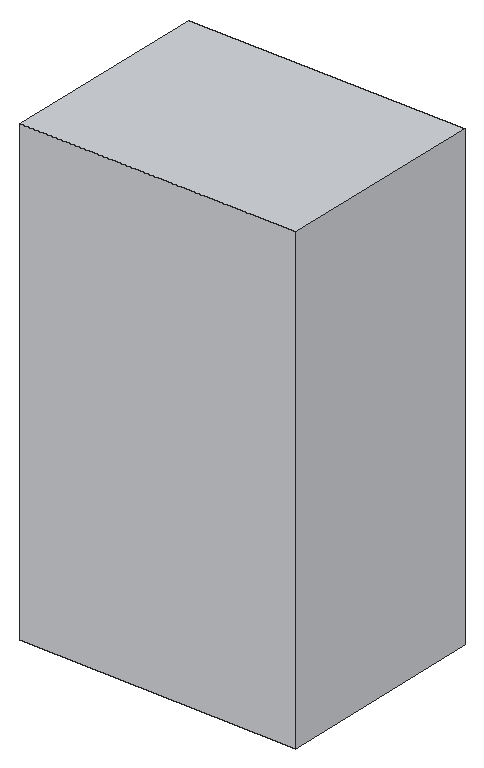
Revit family
Parameters
  Warranty Duration (Years) = 0
  Unit Width [instance] = 1' - 4"
  Unit Height [instance] = 0' - 9 99/256"
  Unit Depth = 0' - 0"
  URL = "http://www.americanspecialties.com/viewCategories.cfm"
  Trim Material = Metal - Stainless Steel
  Test Data = ""
  Specification = "http://www.arcat.com/sdspecs/htm/10810asi.htm"
  SpecWizard = ""
  Send Message = "http://www.arcat.com/users.pl?action=UserEmail&company=American%20Specialties,%20Inc.&coid=30448&rep=139&fax=914-476-0688&mf="
  Sales Information = "http://www.americanspecialties.com/contact"
  Revision = "R1_10-2010"
  Rod [instance] = 1' - 1 3/4"
  Product Properties = "http://www.americanspecialties.com/datasheets/8205.pdf"
  Product Data = "http://www.arcat.com/arcatcos/cos30/arc30448.html"
  Model = "As Specified in 10 28 13"
  Manufacturer Website = "http://www.americanspecialties.com/viewCategories.cfm"
  Manufacturer Phone - Toll Free = ""
  Manufacturer Phone = "914-476-9000 "
  Manufacturer Fax = "914-476-0688"
  Manufacturer Address = "441 Saw Mill River Rd., Yonkers, NY 10701"
  Manufacturer = "American Specialties, Inc."
  Maintenance Schedule (Months) = 0
  Keynote = "10 28 13"
  Installation-Fabrication = "http://www.americanspecialties.com/products.cfm"
  Green Building-LEED = ""
  Expected Lifespan (Years) = 0
  Drawn By = "Robert S. Weygant. CSI, CDT, SCIP"  # constant formula
  Description = "Toilet Accessory as Specified in 10 28 13"
  Default Elevation = 4' - 0"
  Copyright = "©Arcat Inc."
  Construction Details = "http://www.arcat.com/green/clients/leed_data_30448.html"
  Building Codes = "http://www.americanspecialties.com/products.cfm"
  Body Material = Leather 2
  Assembly Code = "C1030210"
Reference planes (in)
  plane 1 "Center (Front/Back)": y = -0.29112
  plane 2 "Floor Line": z = 0
  plane 3 "Center (Left/Right)": x = -0.65843
  plane 4: z = 52.69336
  plane 5: x = -8.65843
  plane 6: x = 7.34157
  plane 7: z = 48
  plane 8: z = 57.38672
Forms (in)
  Extrusion 1, solid
    sketch origin (-3, -9, -6) x (0, 0, -1) y (1, 0, 0)
      loop
        line (-82, 26) -> (-82, -19.34712) -> (-6, -19.34712) -> (-6, 26) -> (-82, 26)
    from 9 to -25.60721
  Sweep 2, solid, material "Metal - Stainless Steel" <- "Trim Material"
    path origin (-5.64758, -3.1206, 4.13023) x (1, 0, 0) y (0, -0.5, -0.866025)
      loop
        line (-3.01085, 0) -> (-3.01085, 2.57066)
        arc (-3.01085, 2.57066) -> (-2.59221, 3.58136) -> (-1.58151, 4) r 1.42934
        line (-1.58151, 4) -> (11.79761, 4)
        arc (11.79761, 4) -> (12.64016, 3.651) -> (12.98915, 2.80846) r 1.19154
        line (12.98915, 2.80846) -> (12.98915, 0)
    profile origin (-8.65843, -3.76327, 3.0171) x (-1, 0, 0) y (0, 0.866025, -0.5)
      loop
        circle (0, 0) r 0.5
  Extrusion 3, solid, material "Metal - Stainless Steel" <- "Trim Material"
    sketch origin (39.96841, -4.89511, 5.50069) x (0, 0, -1) y (0, 1, 0)
      loop
        circle (-8.74931, 11.69648) r 0.5
    from -25.62684 to -55.62684
  Extrusion 4, solid, material "Metal - Stainless Steel" <- "Trim Material"
    sketch origin (5.87175, -5.29864, 5.68346) x (1, 0, 0) y (0, 0, -1)
      loop
        line (-21.53018, 3.49596) -> (-21.53018, -9.50404) -> (-20.28018, -9.50404) -> (-20.28018, 3.49596) -> (-21.53018, 3.49596)
    from 11.3463 to 12.6
  Extrusion 5, solid, material "Metal - Stainless Steel" <- "Trim Material"
    sketch origin (-2.15843, 10.13464, -5.81661) x (0, 1, 0) y (0, 0, 1)
      loop
        line (-8.53943, 7.19161) -> (-15.41443, 7.19161)
        arc (-15.41443, 7.19161) -> (-15.76799, 7.04516) -> (-15.91443, 6.69161) r 0.5
        line (-15.91443, 6.69161) -> (-15.91443, 6.06661) -> (-16.41443, 6.06661) -> (-16.41443, 5.94161) -> (-15.78943, 5.94161) -> (-15.78943, 6.69161)
        arc (-15.78943, 6.69161) -> (-15.6796, 6.95677) -> (-15.41443, 7.06661) r 0.375
        line (-15.41443, 7.06661) -> (-8.53943, 7.06661)
        arc (-8.53943, 7.06661) -> (-8.27427, 6.95677) -> (-8.16443, 6.69161) r 0.375
        line (-8.16443, 6.69161) -> (-8.16443, 5.94161) -> (-7.53943, 5.94161) -> (-7.53943, 6.06661) -> (-8.03943, 6.06661) -> (-8.03943, 6.69161)
        arc (-8.03943, 6.69161) -> (-8.18588, 7.04516) -> (-8.53943, 7.19161) r 0.5
    from 0 to 3
  Extrusion 6, solid, material "Metal - Stainless Steel" <- "Trim Material"
    sketch origin (-0.65843, 0, -0.06661) x (0, 1, 0) y (0, 0, 1)
      loop
        line (2.59521, 0.19161) -> (-6.27979, 0.19161) -> (-6.27979, 0.06661) -> (2.59521, 0.06661) -> (2.59521, 0.19161)
    from -1.5 to 1.5
  Sweep 7, solid, material "Metal - Stainless Steel" <- "Trim Material"
    path origin (-0.65843, -0.20055, 0) x (0, 1, 0) y (0, 0, 1)
      loop
        line (6.93958, 3.12719) -> (4.53957, 3.12719)
        arc (4.53957, 3.12719) -> (3.83246, 2.8343) -> (3.53957, 2.12719) r 1
        line (3.53957, 2.12719) -> (3.53957, 0.125)
    profile origin (-0.65843, 5.53903, 3.12719) x (0, 0, -1) y (1, 0, 0)
      loop
        circle (0, -9.75) r 0.5
  Extrusion 8, solid, material "Metal - Stainless Steel" <- "Trim Material"
    sketch origin (0.23502, -0.29667, 0) x (1, 0, 0) y (0, 1, 0)
      loop
        circle (-10.63841, 3.66053) r 1.13038
      loop
        circle (-10.63636, 2.77254) r 0.125
      loop
        circle (-9.87041, 4.1063) r 0.125
      loop
        circle (-11.40641, 4.1063) r 0.125
    from 0 to 0.125
  Sweep 9, solid, material "Metal - Stainless Steel" <- "Trim Material"
    path origin (-4.65843, -5.12677, 4.66778) x (0, 0, -1) y (0, -1, 0)
      loop
        line (0.53755, -2.00616) -> (-3.33278, -4.24069)
        arc (-3.33278, -4.24069) -> (-4.14475, -4.82505) -> (-4.82414, -5.55934) r 5
        line (-4.82414, -5.55934) -> (-9.59645, -11.88449)
    profile origin (-4.65843, -2.00334, 6.06539) x (0, 0.866025, -0.5) y (-1, 0, 0)
      loop
        circle (0, 4) r 0.5
  Extrusion 10, solid, material "Metal - Stainless Steel" <- "Trim Material"
    sketch origin (-1.5448, -0.29667, 0) x (-1, 0, 0) y (0, -1, 0)
      loop
        circle (-10.63841, -3.66053) r 1.13038
      loop
        circle (-10.63636, -2.77254) r 0.125
      loop
        circle (-9.87041, -4.1063) r 0.125
      loop
        circle (-11.40641, -4.1063) r 0.125
    from 0 to 0.125
  Extrusion 11, solid, material "Leather 2" <- "Body Material"
    sketch origin (-70.38823, 7.55136, 28.98309) x (1, 0, 0) y (0, 0, 1)
      loop
        arc (86.22979, -8.10514) -> (85.64401, -6.69092) -> (84.22979, -6.10514) r 2
        line (84.22979, -6.10514) -> (74.64587, -6.10514)
        arc (74.64587, -6.10514) -> (73.11835, -6.81414) -> (72.67385, -8.43847) r 2
        arc (72.67385, -8.43847) -> (71.78484, -11.68713) -> (68.72979, -13.10514) r 4
        line (68.72979, -13.10514) -> (55.22979, -13.10514)
        arc (55.22979, -13.10514) -> (53.81558, -13.69092) -> (53.22979, -15.10514) r 2
        line (53.22979, -15.10514) -> (53.22979, -25.60514)
        arc (53.22979, -25.60514) -> (53.81558, -27.01935) -> (55.22979, -27.60514) r 2
        line (55.22979, -27.60514) -> (84.22979, -27.60514)
        arc (84.22979, -27.60514) -> (85.64401, -27.01935) -> (86.22979, -25.60514) r 2
        line (86.22979, -25.60514) -> (86.22979, -8.10514)
    from -1.1392 to 0.2358
  Sweep 12, solid, material "Metal - Stainless Steel" <- "Trim Material"
    path origin (-1.84593, -0.20055, 0) x (0, 1, 0) y (0, 0, -1)
      loop
        line (6.93958, -3.12719) -> (4.53957, -3.12719)
        arc (4.53957, -3.12719) -> (3.83246, -2.8343) -> (3.53957, -2.12719) r 1
        line (3.53957, -2.12719) -> (3.53957, -0.125)
    profile origin (-1.84593, 5.53903, 3.12719) x (0, 0, 1) y (-1, 0, 0)
      loop
        circle (0, -10.9375) r 0.5
  Sweep 13, solid, material "Metal - Stainless Steel" <- "Trim Material"
    path origin (3.34157, -5.12677, 4.66778) x (0, 0, -1) y (0, 1, 0)
      loop
        line (0.53755, 2.00616) -> (-3.33278, 4.24069)
        arc (-3.33278, 4.24069) -> (-4.14475, 4.82505) -> (-4.82414, 5.55934) r 5
        line (-4.82414, 5.55934) -> (-9.59645, 11.88449)
    profile origin (3.34157, -2.00334, 6.06539) x (0, -0.866025, 0.5) y (1, 0, 0)
      loop
        circle (0, 4) r 0.5
  Extrusion 14, solid, material "Metal - Stainless Steel" <- "Trim Material"
    sketch origin (-7.18862, -5.29864, 5.68346) x (-1, 0, 0) y (0, 0, 1)
      loop
        line (-21.53018, -3.49596) -> (-20.28018, -3.49596) -> (-20.28018, 16.50404) -> (-21.53018, 16.50404) -> (-21.53018, -3.49596)
    from 11.3463 to 12.6
  Extrusion 15, solid, material "Metal - Stainless Steel" <- "Trim Material"
    sketch origin (39.96841, -4.89511, 11.87431) x (0, 0, 1) y (0, -1, 0)
      loop
        circle (-8.74931, -11.69648) r 0.5
    from -25.62684 to -55.62684
  Sweep 16, void
    path origin (-102.7055, -0.29112, -21.83073) x (1, 0, 0) y (0, 0, 1)
      loop
        arc (118.54706, 42.70868) -> (117.96128, 44.12289) -> (116.54706, 44.70868) r 2
        line (116.54706, 44.70868) -> (106.96314, 44.70868)
        arc (106.96314, 44.70868) -> (105.43562, 43.99967) -> (104.99112, 42.37535) r 2
        arc (104.99112, 42.37535) -> (104.10211, 39.12669) -> (101.04706, 37.70868) r 4
        line (101.04706, 37.70868) -> (87.54706, 37.70868)
        arc (87.54706, 37.70868) -> (86.13285, 37.12289) -> (85.54706, 35.70868) r 2
        line (85.54706, 35.70868) -> (85.54706, 25.20868)
        arc (85.54706, 25.20868) -> (86.13285, 23.79447) -> (87.54706, 23.20868) r 2
        line (87.54706, 23.20868) -> (116.54706, 23.20868)
        arc (116.54706, 23.20868) -> (117.96128, 23.79447) -> (118.54706, 25.20868) r 2
        line (118.54706, 25.20868) -> (118.54706, 42.70868)
    profile origin (15.84157, -0.29112, 12.12795) x (0, -1, 0) y (1, 0, 0)
      loop
        line (-8.98168, 0) -> (-8.98168, -0.65466)
        arc (-8.98168, -0.65466) -> (-8.41348, -0.08187) -> (-7.60668, -0.07863) r 1.05415
        line (-7.60668, -0.07863) -> (-7.60668, 0.50104) -> (-8.98168, 0)
  Extrusion 17, solid, material "Metal - Stainless Steel" <- "Trim Material"
    sketch origin (25.28783, -5.29864, 5.68346) x (1, 0, 0) y (0, 0, -1)
      loop
        line (-21.53018, 3.49596) -> (-21.53018, -16.50404) -> (-20.28018, -16.50404) -> (-20.28018, 3.49596) -> (-21.53018, 3.49596)
    from 11.3463 to 12.6
Cuts and joins
  joined: Sweep 2, Sweep 9, Sweep 13
  joined: Sweep 7, Extrusion 8
  Sweep 16 cuts Extrusion 11
Dimensions and locks (in)
  equal spacing: plane 8, plane 4, plane 7
  equal spacing: plane 6, plane 3 "Center (Left/Right)", plane 5
  "Unit Width": plane 6 to plane 5
  "Unit Height": plane 8 to plane 7
  "Default Elevation": plane 7 to plane 2 "Floor Line"
  Sweep 2 sketch curve to Sweep 2 sketch curve = 1' - 4"
  "Unit Width": Sweep 2 sketch curve to Sweep 2 sketch curve
  Extrusion 5 sketch curve to Extrusion 5 sketch curve = 0' - 1 1/8"
  Extrusion 5 sketch curve to Extrusion 5 sketch curve = 0' - 0 1/8"
  Extrusion 11 sketch curve to Extrusion 11 sketch curve = 1' - 9 1/2"
  locked: Extrusion 11 sketch curve to Extrusion 11 sketch curve at 14.5
  locked: Extrusion 11 sketch curve to Extrusion 11 sketch curve at 33
  locked: Extrusion 11 sketch curve to Extrusion 11 sketch curve at 7
  radius of Sweep 2 sketch curve = 0' - 1.42934"
  radius of Sweep 2 sketch curve = 0' - 1.19154"
  radius of Extrusion 11 sketch curve = 0' - 2"  (x5)
  aligned and locked: Extrusion 1 to level
  aligned and locked: plane 5 to Sweep 2 sketch curve
  aligned and locked: Extrusion 6 to Extrusion 5
  aligned and locked: Extrusion 5 sketch curve to Extrusion 6
  aligned and locked: Extrusion 4 to Extrusion 3
Automatic sketch dimensions
  Extrusion 1 sketch curve to Extrusion 1 sketch curve = 6' - 4"
  Extrusion 1 sketch curve to Extrusion 1 sketch curve = 3' - 9.34712"
  Sweep 2 sketch curve to Sweep 2 sketch curve = 0' - 0"
  Sweep 2 sketch curve to Sweep 2 sketch curve = 0' - 2.57066"
  Sweep 2 sketch curve to profile plane = 0' - 0"  (x2)
  Extrusion 3 sketch curve to plane 1 "Center (Front/Back)" = 0' - 7.09248"
  level to Extrusion 3 sketch curve = 1' - 2 1/4"
  Extrusion 4 sketch curve to plane 5 = 0' - 7"
  Extrusion 4 sketch curve to Extrusion 4 sketch curve = 0' - 1 1/4"
  level to Extrusion 4 sketch curve = 1' - 3 3/16"
  level to Extrusion 4 sketch curve = 0' - 2 3/16"
  Extrusion 5 sketch curve to Extrusion 5 sketch curve = 0' - 0"  (x4)
  level to Extrusion 5 sketch curve = 0' - 0 1/4"
  plane 1 "Center (Front/Back)" to Extrusion 5 sketch curve = 0' - 5.98868"
  Extrusion 5 sketch curve to Extrusion 5 sketch curve = 0' - 0 1/2"  (x2)
  Extrusion 5 sketch curve to Extrusion 5 sketch curve = 0' - 0 1/8"  (x2)
  Extrusion 5 sketch curve to Extrusion 5 sketch curve = 0' - 0 3/8"  (x2)
  Extrusion 5 sketch curve to plane 1 "Center (Front/Back)" = 0' - 1.88632"
  level to Extrusion 5 sketch curve = 0' - 0 1/8"
  Extrusion 6 sketch curve to level = 0' - 0"
  level to Extrusion 6 sketch curve = 0' - 0 1/8"
  plane 1 "Center (Front/Back)" to Extrusion 6 sketch curve = 0' - 5.98868"
  Extrusion 6 sketch curve to plane 1 "Center (Front/Back)" = 0' - 2.88632"
  level to Sweep 7 sketch curve = 0' - 0 1/8"
  Sweep 7 sketch curve to plane 1 "Center (Front/Back)" = 0' - 3.63014"
  Sweep 7 sketch curve to Sweep 7 sketch curve = 0' - 1"
  Sweep 7 sketch curve to Sweep 7 sketch curve = 0' - 2.40001"
  Sweep 7 sketch curve to Sweep 7 sketch curve = 0' - 2.00219"
  Sweep 7 sketch curve to profile plane = 0' - 0"
  Sweep 7 sketch curve to plane 3 "Center (Left/Right)" = 0' - 9 3/4"
  Extrusion 8 sketch curve to plane 5 = 0' - 2.51295"
  Extrusion 8 sketch curve to Extrusion 8 sketch curve = 0' - 0.768"  (x2)
  Extrusion 8 sketch curve to Extrusion 8 sketch curve = 0' - 0.00205"
  Extrusion 8 sketch curve to plane 1 "Center (Front/Back)" = 0' - 2.76699"
  Extrusion 8 sketch curve to Extrusion 8 sketch curve = 0' - 0.88799"
  Extrusion 8 sketch curve to Extrusion 8 sketch curve = 0' - 0.44577"  (x2)
  Sweep 9 sketch curve to plane 1 "Center (Front/Back)" = 0' - 7.04884"
  level to Sweep 9 sketch curve = 1' - 2.26423"
  Sweep 9 sketch curve to plane 1 "Center (Front/Back)" = 0' - 0.7237"
  Sweep 9 sketch curve to Sweep 9 sketch curve = 0' - 4.77231"
  plane 1 "Center (Front/Back)" to Sweep 9 sketch curve = 0' - 0.59495"
  Sweep 9 sketch curve to Sweep 9 sketch curve = 0' - 1.49137"
  Sweep 9 sketch curve to plane 1 "Center (Front/Back)" = 0' - 3.73517"
  level to Sweep 9 sketch curve = 0' - 4.13023"
  plane 1 "Center (Front/Back)" to Sweep 9 sketch curve = 0' - 2.82949"
  Sweep 9 sketch curve to profile plane = 0' - 0"
  profile plane to Sweep 9 sketch curve = 0' - 4"
  Extrusion 10 sketch curve to plane 6 = 0' - 2.52004"
  Extrusion 10 sketch curve to Extrusion 10 sketch curve = 0' - 0.768"  (x2)
  Extrusion 10 sketch curve to Extrusion 10 sketch curve = 0' - 0.00205"
  plane 1 "Center (Front/Back)" to Extrusion 10 sketch curve = 0' - 2.76699"
  Extrusion 10 sketch curve to Extrusion 10 sketch curve = 0' - 0.88799"
  Extrusion 10 sketch curve to Extrusion 10 sketch curve = 0' - 0.44577"  (x2)
  Extrusion 11 sketch curve to plane 5 = 0' - 8 1/2"
  Extrusion 11 sketch curve to plane 3 "Center (Left/Right)" = 0' - 1"
  plane 3 "Center (Left/Right)" to Extrusion 11 sketch curve = 0' - 2.94405"
  Extrusion 11 sketch curve to Extrusion 11 sketch curve = 0' - 0"
  level to Extrusion 11 sketch curve = 0' - 1.37795"
  level to Sweep 12 sketch curve = 0' - 0 1/8"
  Sweep 12 sketch curve to plane 1 "Center (Front/Back)" = 0' - 3.63014"
  Sweep 12 sketch curve to Sweep 12 sketch curve = 0' - 1"
  Sweep 12 sketch curve to Sweep 12 sketch curve = 0' - 2.40001"
  Sweep 12 sketch curve to Sweep 12 sketch curve = 0' - 2.00219"
  Sweep 12 sketch curve to profile plane = 0' - 0"
  Sweep 12 sketch curve to profile plane = 0' - 10 15/16"
  Sweep 13 sketch curve to plane 1 "Center (Front/Back)" = 0' - 7.04884"
  level to Sweep 13 sketch curve = 1' - 2.26423"
  Sweep 13 sketch curve to plane 1 "Center (Front/Back)" = 0' - 0.7237"
  Sweep 13 sketch curve to Sweep 13 sketch curve = 0' - 4.77231"
  plane 1 "Center (Front/Back)" to Sweep 13 sketch curve = 0' - 0.59495"
  Sweep 13 sketch curve to Sweep 13 sketch curve = 0' - 1.49137"
  Sweep 13 sketch curve to plane 1 "Center (Front/Back)" = 0' - 3.73517"
  level to Sweep 13 sketch curve = 0' - 4.13023"
  plane 1 "Center (Front/Back)" to Sweep 13 sketch curve = 0' - 2.82949"
  Sweep 13 sketch curve to profile plane = 0' - 0"
  profile plane to Sweep 13 sketch curve = 0' - 4"
  plane 6 to Extrusion 14 sketch curve = 0' - 7"
  Extrusion 14 sketch curve to Extrusion 14 sketch curve = 0' - 1 1/4"
  level to Extrusion 14 sketch curve = 0' - 2 3/16"
  Extrusion 14 sketch curve to Extrusion 14 sketch curve = 1' - 8"
  level to Extrusion 15 sketch curve = 0' - 3 1/8"
  Extrusion 15 sketch curve to plane 1 "Center (Front/Back)" = 0' - 7.09248"
  Sweep 16 sketch curve to plane 5 = 0' - 8 1/2"
  Sweep 16 sketch curve to Sweep 16 sketch curve = 0' - 2"  (x3)
  Sweep 16 sketch curve to plane 3 "Center (Left/Right)" = 0' - 1"
  plane 3 "Center (Left/Right)" to Sweep 16 sketch curve = 0' - 2.94405"
  Sweep 16 sketch curve to Sweep 16 sketch curve = 0' - 0"
  Sweep 16 sketch curve to Sweep 16 sketch curve = 0' - 1.97203"
  plane 6 to Sweep 16 sketch curve = 0' - 6 1/2"  (x2)
  level to Sweep 16 sketch curve = 0' - 1.37795"
  Sweep 16 sketch curve to Sweep 16 sketch curve = 0' - 10 1/2"
  Sweep 16 sketch curve to Sweep 16 sketch curve = 0' - 4"
  Sweep 16 sketch curve to profile plane = 0' - 0"
  profile plane to Sweep 16 sketch curve = 0' - 0.65466"
  Sweep 16 sketch curve to plane 1 "Center (Front/Back)" = 0' - 8.98168"
  Sweep 16 sketch curve to Sweep 16 sketch curve = 0' - 0.97552"
  Sweep 16 sketch curve to profile plane = 0' - 0.50104"
  Sweep 16 sketch curve to Sweep 16 sketch curve = 0' - 1 3/8"
  Sweep 16 sketch curve to Sweep 16 sketch curve = 0' - 0.39948"
  Extrusion 17 sketch curve to plane 6 = 0' - 3.58392"
  Extrusion 17 sketch curve to Extrusion 17 sketch curve = 0' - 1 1/4"
  level to Extrusion 17 sketch curve = 1' - 10 3/16"
  level to Extrusion 17 sketch curve = 0' - 2 3/16"
  radius of Sweep 2 sketch curve = 0' - 0 1/2"
  radius of Extrusion 3 sketch curve = 0' - 0 1/2"
  radius of Sweep 7 sketch curve = 0' - 0 1/2"
  radius of Extrusion 8 sketch curve = 0' - 1.13038"
  radius of Extrusion 8 sketch curve = 0' - 0 1/8"  (x3)
  radius of Sweep 9 sketch curve = 0' - 0 1/2"
  radius of Extrusion 10 sketch curve = 0' - 1.13038"
  radius of Extrusion 10 sketch curve = 0' - 0 1/8"  (x3)
  radius of Sweep 12 sketch curve = 0' - 0 1/2"
  radius of Sweep 13 sketch curve = 0' - 0 1/2"
  radius of Extrusion 15 sketch curve = 0' - 0 1/2"
